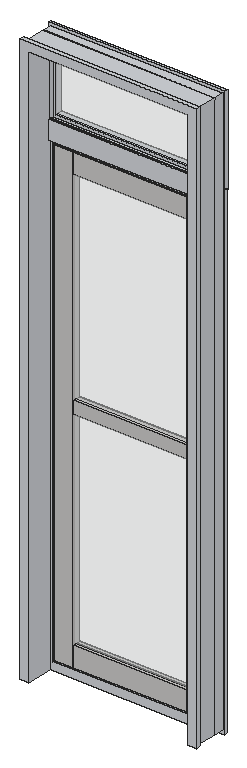
Revit family "APL Residential Thermal Heart Hinged Door with Overlight Open In", category Doors, host Wall, Revit 2017 (continued)
Definition of nested family "APL Residential Thermal Heart Hinged Door with Overlight Open In Vertical Section"
  Definition of nested family "Overlight Detail"
    Definition of nested family "65180_Sidelight Frame"
      Lines and regions (mm)
        model lines, in view "Ref. Level"
          curve 305: line (4.2, 13, 0) -> (4.2, 14.8, 0)
          curve 306: line (4, 15, 0) -> (1, 15, 0)
          curve 307: line (0, 16, 0) -> (0, 17.5, 0)
          curve 308: line (0, 17.5, 0) -> (0.4, 17.9, 0)
          curve 309: line (0.4, 17.9, 0) -> (0.4, 23.1, 0)
          curve 310: line (0.4, 23.1, 0) -> (0, 23.5, 0)
          curve 311: line (0, 23.5, 0) -> (0, 26.5, 0)
          curve 312: line (1.4, 26.5, 0) -> (1.4, 16.7, 0)
          curve 313: line (1.6, 16.5, 0) -> (16, 16.5, 0)
          curve 314: arc (16, 16.5, 0) -> (17.228, 15.975, 0) -> (17.698, 14.725, 0) r 1.7
          curve 315: arc (17.698, 14.725, 0) -> (17.806, 14.538, 0) -> (18.021, 14.558, 0) r 0.2
          curve 316: arc (18.021, 14.558, 0) -> (18.648, 14.969, 0) -> (19.333, 15.274, 0) r 4.7
          curve 317: arc (19.333, 15.274, 0) -> (19.909, 15.68, 0) -> (20.188, 16.327, 0) r 1.3
      Text (mm)
        text "65180" at (37.391, 26.006, 0), in view "Ref. Level"
Definition of nested family "APL Residential Thermal Heart Hinged Door Open In Horizontal Section"
  Parameters (values of type "Groove")
    Liner End [instance] = 10 mm
    Liner Block = Liner : Liner
    Liner [instance] = 100 mm
    Jamb Liner 2 = yes
    Jamb Liner 1 = yes
    Groove [instance] = 10 mm
    Glass Length 1 [instance] = Box Width - 233 mm  # 567 mm
    Box Width [instance] = 800 mm
  Types (2, lengths in mm): name | Liner Block
    Groove | Liner : Liner
    No Groove | Liner No Groove : Liner No Groove
  Reference planes
    plane 1 "Center (Front/Back)": y = 14.873
    plane 2: z = 0
    plane 3 "Center (Left/Right)": x = -408.062
    plane 4: x = -808.062
    plane 5: x = -8.062
    plane 6: y = 60.873
    plane 7: y = 60.873
    plane 8: x = -0.562
    plane 9: y = 19.873
  Dimensions and locks
    "Liner": plane 7 to nested 1
    "Liner": nested 2 to plane 6
    locked: plane 5 to plane 8 at 7.5
    locked: plane 4 to nested 3 at 116.74
    equal spacing: plane 4, plane 3 "Center (Left/Right)", plane 5
    "Box Width": plane 4 to plane 5
    locked: nested 4 to plane 5 at 116.313
    plane 9 to plane 1 "Center (Front/Back)" = 5 mm
    locked: nested 5 to nested 3 at 6.328
    locked: nested 4 to nested 6 at 6.263
    locked: nested 1 to nested 5 at 13.365
    locked: nested 6 to nested 2 at 13.691
  Nested families
    nested 1: "Liner" at (-787.064, 60.873, 0) x (0, 1, 0) z (0, 0, 1), type <- "Liner Block", End Liner <- "Liner End", Groove <- "Groove", visible <- "Jamb Liner 2", type "Liner", in view "Ref. Level", detail levels fine
      with built-in parameter 1001306 0.32808 (stored number, unit not read)
    nested 2: "Liner" at (-28.37, 60.873, 0) x (0, 1, 0) z (0, 0, 1), visible <- "Jamb Liner 2", type <- "Liner Block", type "Liner", in view "Ref. Level", detail levels fine
      with built-in parameter 1001306 0.32808 (stored number, unit not read)
    nested 3: "Glazing Bead" at (-691.322, 26.331, 0) x (0, 1, 0) z (0, 0, 1), Glass Lenght <- "Glass Length 1", type "DG", in view "Ref. Level", detail levels fine
      with Glass Lenght 567 mm
    nested 4: "Glazing Bead" at (-124.374, 26.331, 0) x (0, 1, 0) z (0, 0, 1), Glass Lenght <- "Glass Length 1", type "DG", in view "Ref. Level", detail levels fine
      with Glass Lenght 567 mm
    nested 5: "Open In Jamb&Hinge" at (-807.699, 14.173, 0), type "Open Out Jamb&Hinge", in view "Ref. Level", detail levels fine
    nested 6: "Open In Jamb" at (-8.062, 14.873, 0) x (-1, 0, 0) z (0, 0, 1), type "Open Out Jamb", in view "Ref. Level", detail levels fine
  Definition of nested family "Liner"
    Parameters (values of type "Liner")
      Type Image = (empty or 0)
      built-in parameter 1001306 [instance] = 100 mm
      Groove [instance] = 10 mm
      End Liner [instance] = 10 mm
    Reference planes
      plane 1 "Center (Front/Back)": y = 0
      plane 2: z = 0
      plane 3 "Left": x = 0
      plane 4 "Right": x = 100
    Lines and regions (mm)
      Filled region 1, type "Brick", in view "Ref. Level"
        outline origin (0, 0, 0) x (1, 0, 0) y (0, 1, 0)
          loop
            line (0, 0) -> (120, 0) -> (120, 19) -> (110, 19) -> (110, 13.435) -> (100, 13.435) -> (100, 19) -> (0, 19) -> (0, 0)
      reference lines, in view "Ref. Level"
        curve 1: line (0, 0, 0) -> (100, 0, 0)
      detail lines, in view "Ref. Level", detail levels fine
        curve 2: line (100, 0, 0) -> (0, 0, 0)
    Dimensions and locks
      "built-in parameter 1001306": plane 3 "Left" to plane 4 "Right"
      locked: Filled region 1 to curve 2 at 19
      "Groove": plane 4 "Right" to Filled region 1
      "End Liner": Filled region 1 to Filled region 1
      aligned and locked: plane 1 "Center (Front/Back)" to curve 1
      aligned and locked: plane 3 "Left" to curve 1
      aligned and locked: plane 4 "Right" to curve 1
      aligned and locked: curve 1 to Filled region 1
      aligned and locked: plane 1 "Center (Front/Back)" to Filled region 1
      aligned and locked: Filled region 1 to plane 3 "Left"
    Automatic sketch dimensions
      curve 2 to plane 4 "Right" = 0 mm
      Filled region 1 sketch curve to plane 3 "Left" = 0 mm
      Filled region 1 sketch curve to plane 4 "Right" = 0 mm
      Filled region 1 sketch curve to Filled region 1 sketch curve = 10 mm  (x2)
      Filled region 1 sketch curve to plane 1 "Center (Front/Back)" = 0 mm
      Filled region 1 sketch curve to plane 1 "Center (Front/Back)" = 13.435 mm
      Filled region 1 sketch curve to Filled region 1 sketch curve = 5.565 mm  (x2)
      curve 2 to plane 3 "Left" = 0 mm
  Definition of nested family "Glazing Bead"
    Parameters (values of type "Glazing Bead")
      Glass Lenght [instance] = 50 mm
    Reference planes
      plane 1 "Center (Front/Back)": y = 0
      plane 2: z = 0
      plane 3 "Center (Left/Right)": x = 0
      plane 4: y = -50
    Lines and regions (mm)
      Filled region 1, type "Solid Fill - Black", in view "Ref. Level"
        outline origin (0, 0, 0) x (1, 0, 0) y (0, 1, 0)
          loop
            line (4, 0) -> (4, -12) -> (20, -12) -> (20, 0) -> (4, 0)
      model lines, in view "Ref. Level"
        curve 1: line (4, -12, 0) -> (20, -12, 0)
        curve 2: line (0, -50, 0) -> (0, 0, 0)
        curve 3: line (0, 0, 0) -> (24, 0, 0)
        curve 4: line (24, 0, 0) -> (24, -50, 0)
        curve 5: line (20, 0, 0) -> (20, -50, 0)
        curve 6: line (4, 0, 0) -> (4, -50, 0)
      detail lines, in view "Ref. Level"
        curve 7: arc (-0.25, -4.9, 0) -> (0, -5.15, 0) -> (-0.25, -5.4, 0) r 0.25
        curve 8: arc (-0.25, -8.45, 0) -> (0, -8.7, 0) -> (-0.25, -8.95, 0) r 0.25
        curve 9: arc (-0.25, -9.619, 0) -> (0, -9.869, 0) -> (-0.25, -10.119, 0) r 0.25
        curve 10: arc (-0.25, -10.787, 0) -> (0, -11.037, 0) -> (-0.25, -11.287, 0) r 0.25
        curve 11: line (-0.25, -12.456, 0) -> (-1, -12.456, 0)
        curve 12: line (-1, -12.456, 0) -> (-1, -8.45, 0)
        curve 13: line (-1, -8.45, 0) -> (-2.2, -8.45, 0)
        curve 14: line (-2.2, -8.45, 0) -> (-2.2, -9.2, 0)
        curve 15: line (-2.2, -9.2, 0) -> (-2.8, -9.2, 0)
        curve 16: line (-2.8, -9.2, 0) -> (-2.8, -6.1, 0)
        curve 17: line (-2.8, -6.1, 0) -> (-2.2, -6.1, 0)
        curve 18: line (-2.2, -6.1, 0) -> (-2.2, -6.85, 0)
        curve 19: line (-2.2, -6.85, 0) -> (-1, -6.85, 0)
        curve 20: line (-1, -6.85, 0) -> (-1, -4.9, 0)
        curve 21: line (-1, -4.9, 0) -> (-0.25, -4.9, 0)
        curve 22: line (-0.25, -5.4, 0) -> (-0.25, -8.45, 0)
        curve 23: line (-0.25, -8.95, 0) -> (-0.25, -9.619, 0)
        curve 24: line (-0.25, -10.119, 0) -> (-0.25, -10.787, 0)
        curve 25: line (-0.25, -11.287, 0) -> (-0.25, -11.956, 0)
        curve 26: arc (-0.25, -11.956, 0) -> (0, -12.206, 0) -> (-0.25, -12.456, 0) r 0.25
      detail lines, in view "Ref. Level", not visible
        curve 27: arc (-0.25, -4.9, 0) -> (0, -5.15, 0) -> (-0.25, -5.4, 0) r 0.25
        curve 28: arc (-0.25, -8.45, 0) -> (0, -8.7, 0) -> (-0.25, -8.95, 0) r 0.25
        curve 29: arc (-0.25, -9.619, 0) -> (0, -9.869, 0) -> (-0.25, -10.119, 0) r 0.25
        curve 30: arc (-0.25, -10.787, 0) -> (0, -11.037, 0) -> (-0.25, -11.287, 0) r 0.25
        curve 31: line (-0.25, -12.456, 0) -> (-1, -12.456, 0)
        curve 32: line (-1, -12.456, 0) -> (-1, -8.45, 0)
        curve 33: line (-1, -8.45, 0) -> (-2.2, -8.45, 0)
        curve 34: line (-2.2, -8.45, 0) -> (-2.2, -9.2, 0)
        curve 35: line (-2.2, -9.2, 0) -> (-2.8, -9.2, 0)
        curve 36: line (-2.8, -9.2, 0) -> (-2.8, -6.1, 0)
        curve 37: line (-2.8, -6.1, 0) -> (-2.2, -6.1, 0)
        curve 38: line (-2.2, -6.1, 0) -> (-2.2, -6.85, 0)
        curve 39: line (-2.2, -6.85, 0) -> (-1, -6.85, 0)
        curve 40: line (-1, -6.85, 0) -> (-1, -4.9, 0)
        curve 41: line (-1, -4.9, 0) -> (-0.25, -4.9, 0)
        curve 42: line (-0.25, -5.4, 0) -> (-0.25, -8.45, 0)
        curve 43: line (-0.25, -8.95, 0) -> (-0.25, -9.619, 0)
        curve 44: line (-0.25, -10.119, 0) -> (-0.25, -10.787, 0)
        curve 45: line (-0.25, -11.287, 0) -> (-0.25, -11.956, 0)
        curve 46: arc (-0.25, -11.956, 0) -> (0, -12.206, 0) -> (-0.25, -12.456, 0) r 0.25
        curve 47: arc (62.983, -3.041, 0) -> (62.673, -2.901, 0) -> (62.511, -3.2, 0) r 0.25
        curve 48: arc (62.537, -13.088, 0) -> (62.7, -13.387, 0) -> (63.01, -13.247, 0) r 0.25
        curve 49: line (62.511, -3.2, 0) -> (63.505, -7.068, 0)
        curve 50: line (63.505, -7.068, 0) -> (62.502, -7.647, 0)
        curve 51: line (62.502, -7.647, 0) -> (62.502, -8.647, 0)
        curve 52: line (62.502, -8.647, 0) -> (63.527, -9.239, 0)
        curve 53: line (63.527, -9.239, 0) -> (62.537, -13.088, 0)
        curve 54: line (63.01, -13.247, 0) -> (64.734, -9.147, 0)
        curve 55: line (64.734, -9.147, 0) -> (66.002, -9.147, 0)
        curve 56: line (66.002, -9.147, 0) -> (66.002, -10.397, 0)
        curve 57: line (66.002, -10.397, 0) -> (67.002, -10.397, 0)
        curve 58: line (67.002, -10.397, 0) -> (67.002, -5.897, 0)
        curve 59: line (67.002, -5.897, 0) -> (66.002, -5.897, 0)
        curve 60: line (66.002, -5.897, 0) -> (66.002, -7.147, 0)
        curve 61: line (66.002, -7.147, 0) -> (64.71, -7.147, 0)
        curve 62: line (64.71, -7.147, 0) -> (62.983, -3.041, 0)
    Dimensions and locks
      "Glass Lenght": plane 1 "Center (Front/Back)" to plane 4
      aligned and locked: plane 4 to curve 2
      aligned and locked: plane 1 "Center (Front/Back)" to Filled region 1 sketch curve
      aligned and locked: Filled region 1 sketch curve to curve 6
      aligned and locked: Filled region 1 sketch curve to curve 1
      aligned and locked: Filled region 1 sketch curve to curve 5
    Automatic sketch dimensions
      plane 1 "Center (Front/Back)" to curve 2 = 0 mm
      curve 2 to plane 3 "Center (Left/Right)" = 0 mm
      curve 6 to plane 4 = 0 mm
      curve 5 to plane 4 = 0 mm
      curve 4 to plane 4 = 0 mm
      curve 5 to curve 3 = 4 mm
      plane 3 "Center (Left/Right)" to curve 1 = 4 mm
      curve 6 to curve 5 = 16 mm
      plane 1 "Center (Front/Back)" to curve 1 = 12 mm
    Nested families
      nested 1: "65015_Bead" at (-15.5, 6.328, 0), type "65015_Bead", in view "Ref. Level"
    Definition of nested family "65015_Bead"
      Reference planes
        plane 1 "Center (Front/Back)": y = 0
        plane 2: z = 0
        plane 3 "Center (Left/Right)": x = 0
      Lines and regions (mm)
        model lines, in view "Ref. Level"
          curve 1: arc (13.5, 12.78, 0) -> (13.558, 12.92, 0) -> (13.698, 12.978, 0) r 0.198
          curve 2: arc (14.302, 12.978, 0) -> (14.442, 12.918, 0) -> (14.5, 12.777, 0) r 0.201
          curve 3: arc (14.5, 10.175, 0) -> (14.442, 10.036, 0) -> (14.302, 9.978, 0) r 0.198
          curve 4: arc (13.698, 9.978, 0) -> (13.558, 10.036, 0) -> (13.5, 10.175, 0) r 0.198
          curve 5: arc (13.5, 11.027, 0) -> (13.442, 11.169, 0) -> (13.3, 11.228, 0) r 0.2
          curve 6: arc (12.7, 11.228, 0) -> (11.851, 11.579, 0) -> (11.5, 12.428, 0) r 1.2
          curve 7: arc (11.5, 13.628, 0) -> (11.377, 13.813, 0) -> (11.159, 13.769, 0) r 0.2
          curve 8: arc (1.546, 4.157, 0) -> (1.438, 3.995, 0) -> (1.4, 3.804, 0) r 0.5
          curve 9: arc (1.4, 1.817, 0) -> (1.467, 1.567, 0) -> (1.65, 1.384, 0) r 0.5
          curve 10: arc (10.675, -3.827, 0) -> (10.913, -4.714, 0) -> (10.025, -4.952, 0) r 0.65
          curve 11: arc (3.306, -1.073, 0) -> (2.928, -1.023, 0) -> (2.624, -1.254, 0) r 0.5
          curve 12: arc (2.587, -2.129, 0) -> (2.248, -2.45, 0) -> (1.791, -2.352, 0) r 0.5
          curve 13: arc (1.518, -2.123, 0) -> (1.466, -2.054, 0) -> (1.447, -1.97, 0) r 0.2
          curve 14: arc (1.447, -1.115, 0) -> (1.476, -1.011, 0) -> (1.555, -0.938, 0) r 0.2
          curve 15: arc (1.555, -0.938, 0) -> (1.717, -0.809, 0) -> (1.82, -0.63, 0) r 0.55
          curve 16: arc (1.82, -0.63, 0) -> (1.825, -0.452, 0) -> (1.729, -0.302, 0) r 0.3
          curve 17: arc (0.2, 0, 0) -> (0.059, 0.059, 0) -> (0, 0.2, 0) r 0.2
          curve 18: arc (0, 4.383, 0) -> (0.038, 4.575, 0) -> (0.146, 4.737, 0) r 0.5
          curve 19: arc (14.159, 18.749, 0) -> (14.377, 18.792, 0) -> (14.5, 18.608, 0) r 0.2
          curve 20: arc (14.5, 15.172, 0) -> (14.442, 15.034, 0) -> (14.303, 14.978, 0) r 0.194
          curve 21: arc (13.698, 14.978, 0) -> (13.559, 15.038, 0) -> (13.5, 15.177, 0) r 0.203
          curve 22: arc (13.5, 15.528, 0) -> (13.441, 15.669, 0) -> (13.3, 15.728, 0) r 0.201
          curve 23: arc (12.7, 15.728, 0) -> (12.559, 15.669, 0) -> (12.5, 15.528, 0) r 0.2
          curve 24: arc (12.5, 12.428, 0) -> (12.559, 12.286, 0) -> (12.7, 12.228, 0) r 0.2
          curve 25: line (13.5, 12.428, 0) -> (13.5, 12.78, 0)
          curve 26: line (13.698, 12.978, 0) -> (14.302, 12.978, 0)
          curve 27: line (14.5, 12.777, 0) -> (14.5, 10.175, 0)
          curve 28: line (14.302, 9.978, 0) -> (13.698, 9.978, 0)
          curve 29: line (13.5, 10.175, 0) -> (13.5, 11.027, 0)
          curve 30: line (13.3, 11.228, 0) -> (12.7, 11.228, 0)
          curve 31: line (11.5, 12.428, 0) -> (11.5, 13.628, 0)
          curve 32: line (11.159, 13.769, 0) -> (1.546, 4.157, 0)
          curve 33: line (1.4, 3.804, 0) -> (1.4, 1.817, 0)
          curve 34: line (1.65, 1.384, 0) -> (10.675, -3.827, 0)
          curve 35: line (10.025, -4.952, 0) -> (3.306, -1.073, 0)
          curve 36: line (2.597, -1.355, 0) -> (2.597, -2.065, 0)
          curve 37: line (1.791, -2.352, 0) -> (1.518, -2.123, 0)
          curve 38: line (1.518, -2.123, 0) -> (1.447, -1.115, 0)
          curve 39: line (1.729, -0.302, 0) -> (1.425, -0.047, 0)
          curve 40: line (1.425, -0.047, 0) -> (0.2, 0, 0)
          curve 41: line (0, 0.2, 0) -> (0, 4.383, 0)
          curve 42: line (0.146, 4.737, 0) -> (14.159, 18.749, 0)
          curve 43: line (14.5, 18.608, 0) -> (14.5, 15.172, 0)
          curve 44: line (14.303, 14.978, 0) -> (13.698, 14.978, 0)
          curve 45: line (13.5, 15.177, 0) -> (13.5, 15.528, 0)
          curve 46: line (13.3, 15.728, 0) -> (12.7, 15.728, 0)
          curve 47: line (12.5, 15.528, 0) -> (12.5, 12.428, 0)
          curve 48: line (12.7, 12.228, 0) -> (13.3, 12.228, 0)
          curve 49: arc (13.3, 12.228, 0) -> (13.441, 12.286, 0) -> (13.5, 12.428, 0) r 0.2
      Text (mm)
        text "65015" at (32.01, 10.207, 0), in view "Ref. Level"
  Definition of nested family "Open In Jamb&Hinge"
    Types (2): name
      Open Out Jamb&Hinge
      Jamb with Hinge
    Reference planes
      plane 1 "Center (Front/Back)": y = 0
      plane 2: z = 0
      plane 3 "Center (Left/Right)": x = 0
    Lines and regions (mm)
      detail lines, in view "Ref. Level", not visible
        curve 1: arc (27.921, 135.423, 0) -> (27.611, 135.563, 0) -> (27.449, 135.264, 0) r 0.25
        curve 2: arc (27.475, 125.376, 0) -> (27.637, 125.077, 0) -> (27.948, 125.217, 0) r 0.25
        curve 3: line (27.449, 135.264, 0) -> (28.443, 131.396, 0)
        curve 4: line (28.443, 131.396, 0) -> (27.439, 130.817, 0)
        curve 5: line (27.439, 130.817, 0) -> (27.439, 129.817, 0)
        curve 6: line (27.439, 129.817, 0) -> (28.465, 129.225, 0)
        curve 7: line (28.465, 129.225, 0) -> (27.475, 125.376, 0)
        curve 8: line (27.948, 125.217, 0) -> (29.672, 129.317, 0)
        curve 9: line (29.672, 129.317, 0) -> (30.939, 129.317, 0)
        curve 10: line (30.939, 129.317, 0) -> (30.939, 128.067, 0)
        curve 11: line (30.939, 128.067, 0) -> (31.939, 128.067, 0)
        curve 12: line (31.939, 128.067, 0) -> (31.939, 132.567, 0)
        curve 13: line (31.939, 132.567, 0) -> (30.939, 132.567, 0)
        curve 14: line (30.939, 132.567, 0) -> (30.939, 131.317, 0)
        curve 15: line (30.939, 131.317, 0) -> (29.647, 131.317, 0)
        curve 16: line (29.647, 131.317, 0) -> (27.921, 135.423, 0)
        curve 17: arc (43.239, 46.459, 0) -> (43.098, 46.401, 0) -> (43.039, 46.259, 0) r 0.2
        curve 18: arc (43.039, 43.539, 0) -> (42.981, 43.398, 0) -> (42.839, 43.339, 0) r 0.2
        curve 19: arc (41.739, 43.339, 0) -> (41.032, 43.632, 0) -> (40.739, 44.339, 0) r 1
        curve 20: arc (40.304, 42.421, 0) -> (39.422, 41.539, 0) -> (38.539, 42.421, 0) r 0.882
        curve 21: arc (38.539, 44.651, 0) -> (38.545, 44.752, 0) -> (38.56, 44.852, 0) r 1
        curve 22: arc (39.401, 48.942, 0) -> (39.95, 49.665, 0) -> (40.814, 49.939, 0) r 1.5
        curve 23: arc (42.039, 49.939, 0) -> (42.747, 49.646, 0) -> (43.039, 48.939, 0) r 1
        curve 24: arc (47.988, 48.439, 0) -> (48.168, 48.327, 0) -> (48.146, 48.116, 0) r 0.2
        curve 25: arc (46.796, 45.416, 0) -> (46.657, 45.31, 0) -> (46.487, 45.354, 0) r 0.2
        curve 26: line (43.039, 46.259, 0) -> (43.039, 43.539, 0)
        curve 27: line (42.839, 43.339, 0) -> (42.439, 43.339, 0)
        curve 28: line (42.439, 43.339, 0) -> (41.739, 43.339, 0)
        curve 29: line (40.739, 44.339, 0) -> (40.739, 47.344, 0)
        curve 30: line (40.739, 47.344, 0) -> (40.312, 44.702, 0)
        curve 31: line (40.312, 44.702, 0) -> (40.304, 42.421, 0)
        curve 32: line (38.539, 42.421, 0) -> (38.539, 44.651, 0)
        curve 33: line (38.56, 44.852, 0) -> (39.401, 48.942, 0)
        curve 34: line (40.944, 49.939, 0) -> (42.039, 49.939, 0)
        curve 35: line (43.039, 48.939, 0) -> (43.039, 48.439, 0)
        curve 36: line (43.039, 48.439, 0) -> (47.988, 48.439, 0)
        curve 37: line (48.146, 48.116, 0) -> (46.796, 45.416, 0)
        curve 38: line (46.487, 45.354, 0) -> (45.203, 46.459, 0)
        curve 39: arc (45.203, 46.459, 0) -> (44.221, 46.592, 0) -> (43.239, 46.459, 0) r 3.701
        curve 40: arc (48.146, 48.116, 0) -> (48.168, 48.327, 0) -> (47.988, 48.439, 0) r 0.2
      detail lines, in view "Ref. Level"
        curve 41: arc (49.459, -8.042, 0) -> (49.401, -7.901, 0) -> (49.259, -7.842, 0) r 0.2
        curve 42: arc (46.539, -7.842, 0) -> (46.398, -7.784, 0) -> (46.339, -7.642, 0) r 0.2
        curve 43: arc (46.339, -6.542, 0) -> (46.632, -5.835, 0) -> (47.339, -5.542, 0) r 1
        curve 44: arc (45.421, -5.107, 0) -> (44.539, -4.225, 0) -> (45.421, -3.342, 0) r 0.882
        curve 45: arc (47.651, -3.342, 0) -> (47.752, -3.347, 0) -> (47.852, -3.363, 0) r 1
        curve 46: arc (51.942, -4.204, 0) -> (52.665, -4.753, 0) -> (52.939, -5.617, 0) r 1.5
        curve 47: arc (52.939, -6.842, 0) -> (52.646, -7.549, 0) -> (51.939, -7.842, 0) r 1
        curve 48: arc (51.439, -12.791, 0) -> (51.327, -12.971, 0) -> (51.116, -12.949, 0) r 0.2
        curve 49: arc (48.416, -11.599, 0) -> (48.31, -11.46, 0) -> (48.354, -11.29, 0) r 0.2
        curve 50: line (49.259, -7.842, 0) -> (46.539, -7.842, 0)
        curve 51: line (46.339, -7.642, 0) -> (46.339, -7.242, 0)
        curve 52: line (46.339, -7.242, 0) -> (46.339, -6.542, 0)
        curve 53: line (47.339, -5.542, 0) -> (50.344, -5.542, 0)
        curve 54: line (50.344, -5.542, 0) -> (47.702, -5.115, 0)
        curve 55: line (47.702, -5.115, 0) -> (45.421, -5.107, 0)
        curve 56: line (45.421, -3.342, 0) -> (47.651, -3.342, 0)
        curve 57: line (47.852, -3.363, 0) -> (51.942, -4.204, 0)
        curve 58: line (52.939, -5.747, 0) -> (52.939, -6.842, 0)
        curve 59: line (51.939, -7.842, 0) -> (51.439, -7.842, 0)
        curve 60: line (51.439, -7.842, 0) -> (51.439, -12.791, 0)
        curve 61: line (51.116, -12.949, 0) -> (48.416, -11.599, 0)
        curve 62: line (48.354, -11.29, 0) -> (49.459, -10.006, 0)
        curve 63: arc (49.459, -10.006, 0) -> (49.592, -9.024, 0) -> (49.459, -8.042, 0) r 3.701
        curve 64: arc (51.116, -12.949, 0) -> (51.327, -12.971, 0) -> (51.439, -12.791, 0) r 0.2
        curve 65: arc (130.406, 37.44, 0) -> (130.546, 37.129, 0) -> (130.247, 36.967, 0) r 0.25
        curve 66: arc (120.359, 36.993, 0) -> (120.059, 37.156, 0) -> (120.199, 37.466, 0) r 0.25
        curve 67: line (130.247, 36.967, 0) -> (126.379, 37.961, 0)
        curve 68: line (126.379, 37.961, 0) -> (125.8, 36.958, 0)
        curve 69: line (125.8, 36.958, 0) -> (124.8, 36.958, 0)
        curve 70: line (124.8, 36.958, 0) -> (124.208, 37.983, 0)
        curve 71: line (124.208, 37.983, 0) -> (120.359, 36.993, 0)
        curve 72: line (120.199, 37.466, 0) -> (124.3, 39.19, 0)
        curve 73: line (124.3, 39.19, 0) -> (124.3, 40.458, 0)
        curve 74: line (124.3, 40.458, 0) -> (123.05, 40.458, 0)
        curve 75: line (123.05, 40.458, 0) -> (123.05, 41.458, 0)
        curve 76: line (123.05, 41.458, 0) -> (127.55, 41.458, 0)
        curve 77: line (127.55, 41.458, 0) -> (127.55, 40.458, 0)
        curve 78: line (127.55, 40.458, 0) -> (126.3, 40.458, 0)
        curve 79: line (126.3, 40.458, 0) -> (126.3, 39.166, 0)
        curve 80: line (126.3, 39.166, 0) -> (130.406, 37.44, 0)
    Nested families
      nested 1: "65210_Lock Stile" at (40.05, -3.342, 0) x (0, 1, 0) z (0, 0, 1), type "65210_Lock Stile", in view "Ref. Level"
      nested 2: "65300_Open In Frame" at (25.5, 0.7, 0) x (0, 1, 0) z (0, 0, 1), type "65300_Open In Frame", in view "Ref. Level"
    Definition of nested family "65210_Lock Stile"
      Reference planes
        plane 1 "Center (Front/Back)": y = 0
        plane 2: z = 0
        plane 3 "Center (Left/Right)": x = 0
      Lines and regions (mm)
        model lines, in view "Ref. Level"
          curve 1: arc (27.4, 64.45, 0) -> (27.272, 64.668, 0) -> (27.019, 64.663, 0) r 0.25
          curve 2: arc (26.934, 64.611, 0) -> (26.828, 64.479, 0) -> (26.831, 64.309, 0) r 0.25
          curve 3: arc (25.577, 63.544, 0) -> (25.502, 63.511, 0) -> (25.421, 63.5, 0) r 0.3
          curve 4: arc (24.9, 63.5, 0) -> (24.742, 63.578, 0) -> (24.706, 63.75, 0) r 0.2
          curve 5: arc (24.9, 67.753, 0) -> (24.874, 67.875, 0) -> (24.8, 67.976, 0) r 0.3
          curve 6: arc (24.8, 67.976, 0) -> (24.72, 68.307, 0) -> (25, 68.5, 0) r 0.3
          curve 7: arc (27.221, 67.957, 0) -> (27.31, 67.905, 0) -> (27.362, 67.816, 0) r 0.2
          curve 8: arc (27.407, 67.648, 0) -> (27.548, 67.507, 0) -> (27.741, 67.559, 0) r 0.2
          curve 9: arc (28.105, 67.922, 0) -> (28.165, 68.008, 0) -> (28.192, 68.108, 0) r 0.3
          curve 10: arc (28.399, 70.474, 0) -> (28.283, 70.738, 0) -> (27.997, 70.782, 0) r 0.3
          curve 11: arc (26.587, 70.268, 0) -> (26.461, 70.181, 0) -> (26.395, 70.043, 0) r 0.3
          curve 12: arc (26.395, 70.043, 0) -> (26.122, 69.801, 0) -> (25.817, 70, 0) r 0.3
          curve 13: arc (24.003, 70, 0) -> (23.295, 69.707, 0) -> (23.003, 69, 0) r 1
          curve 14: arc (23.003, 63.28, 0) -> (22.944, 63.139, 0) -> (22.803, 63.08, 0) r 0.2
          curve 15: arc (17.703, 63.08, 0) -> (17.561, 63.139, 0) -> (17.503, 63.28, 0) r 0.2
          curve 16: arc (17.503, 69, 0) -> (17.21, 69.707, 0) -> (16.503, 70, 0) r 1
          curve 17: arc (9.5, 70, 0) -> (9.359, 69.941, 0) -> (9.3, 69.8, 0) r 0.2
          curve 18: arc (9.3, 69.5, 0) -> (9.38, 69.2, 0) -> (9.6, 68.98, 0) r 0.6
          curve 19: arc (10.7, 68.345, 0) -> (10.773, 68.272, 0) -> (10.8, 68.172, 0) r 0.2
          curve 20: arc (10.8, 64.08, 0) -> (10.507, 63.373, 0) -> (9.8, 63.08, 0) r 1
          curve 21: arc (2.42, 63.08, 0) -> (1.721, 63.366, 0) -> (1.421, 64.06, 0) r 1
          curve 22: arc (1.322, 68.935, 0) -> (1.357, 69.052, 0) -> (1.453, 69.127, 0) r 0.2
          curve 23: arc (1.453, 69.127, 0) -> (1.621, 69.234, 0) -> (1.725, 69.403, 0) r 0.45
          curve 24: arc (1.725, 69.403, 0) -> (1.729, 69.522, 0) -> (1.665, 69.621, 0) r 0.2
          curve 25: arc (0.2, 70, 0) -> (0.059, 69.941, 0) -> (0, 69.8, 0) r 0.2
          curve 26: arc (0, 0.501, 0) -> (0.146, 0.147, 0) -> (0.5, 0, 0) r 0.5
          curve 27: arc (1, 0, 0) -> (1.354, 0.146, 0) -> (1.5, 0.5, 0) r 0.5
          curve 28: arc (1.5, 2.8, 0) -> (1.559, 2.941, 0) -> (1.7, 3, 0) r 0.2
          curve 29: arc (31.817, 3, 0) -> (32.122, 3.199, 0) -> (32.395, 2.957, 0) r 0.3
          curve 30: arc (32.395, 2.957, 0) -> (32.461, 2.819, 0) -> (32.587, 2.732, 0) r 0.3
          curve 31: arc (33.997, 2.218, 0) -> (34.283, 2.262, 0) -> (34.399, 2.526, 0) r 0.3
          curve 32: arc (34.192, 4.892, 0) -> (34.165, 4.992, 0) -> (34.105, 5.078, 0) r 0.3
          curve 33: arc (33.741, 5.441, 0) -> (33.548, 5.493, 0) -> (33.407, 5.352, 0) r 0.2
          curve 34: arc (33.362, 5.184, 0) -> (33.31, 5.095, 0) -> (33.221, 5.043, 0) r 0.2
          curve 35: arc (31, 4.5, 0) -> (30.72, 4.693, 0) -> (30.8, 5.024, 0) r 0.3
          curve 36: arc (30.8, 5.024, 0) -> (30.874, 5.125, 0) -> (30.9, 5.247, 0) r 0.3
          curve 37: arc (30.706, 9.25, 0) -> (30.742, 9.422, 0) -> (30.9, 9.5, 0) r 0.2
          curve 38: arc (31.421, 9.5, 0) -> (31.502, 9.489, 0) -> (31.577, 9.456, 0) r 0.3
          curve 39: arc (32.831, 8.691, 0) -> (32.828, 8.521, 0) -> (32.934, 8.389, 0) r 0.25
          curve 40: arc (33.02, 8.337, 0) -> (33.272, 8.332, 0) -> (33.4, 8.55, 0) r 0.25
          curve 41: arc (33.4, 11.2, 0) -> (33.341, 11.341, 0) -> (33.2, 11.4, 0) r 0.2
          curve 42: arc (30, 11.4, 0) -> (29.293, 11.107, 0) -> (29, 10.4, 0) r 1
          curve 43: arc (2.1, 4.6, 0) -> (1.746, 4.746, 0) -> (1.6, 5.1, 0) r 0.5
          curve 44: arc (1.6, 60.98, 0) -> (1.746, 61.334, 0) -> (2.1, 61.48, 0) r 0.5
          curve 45: arc (9.8, 61.48, 0) -> (11.638, 62.242, 0) -> (12.4, 64.08, 0) r 2.6
          curve 46: arc (12.4, 68.2, 0) -> (12.459, 68.341, 0) -> (12.6, 68.4, 0) r 0.2
          curve 47: arc (15.703, 68.4, 0) -> (15.844, 68.341, 0) -> (15.903, 68.2, 0) r 0.2
          curve 48: arc (15.903, 62, 0) -> (16.049, 61.646, 0) -> (16.403, 61.5, 0) r 0.5
          curve 49: arc (27.2, 61.5, 0) -> (27.341, 61.559, 0) -> (27.4, 61.7, 0) r 0.2
          curve 50: line (26.831, 64.309, 0) -> (25.577, 63.544, 0)
          curve 51: line (25.577, 63.544, 0) -> (24.9, 63.5, 0)
          curve 52: line (24.706, 63.75, 0) -> (24.894, 64.475, 0)
          curve 53: line (24.894, 64.475, 0) -> (24.9, 67.753, 0)
          curve 54: line (25.154, 68.5, 0) -> (27.221, 67.957, 0)
          curve 55: line (27.221, 67.957, 0) -> (27.407, 67.648, 0)
          curve 56: line (27.741, 67.559, 0) -> (28.105, 67.922, 0)
          curve 57: line (28.192, 68.108, 0) -> (28.399, 70.474, 0)
          curve 58: line (27.997, 70.782, 0) -> (26.587, 70.268, 0)
          curve 59: line (25.817, 70, 0) -> (24.003, 70, 0)
          curve 60: line (23.003, 69, 0) -> (23.003, 63.28, 0)
          curve 61: line (22.803, 63.08, 0) -> (17.703, 63.08, 0)
          curve 62: line (17.503, 63.28, 0) -> (17.503, 69, 0)
          curve 63: line (16.503, 70, 0) -> (9.5, 70, 0)
          curve 64: line (9.3, 69.8, 0) -> (9.3, 69.5, 0)
          curve 65: line (9.6, 68.98, 0) -> (10.7, 68.345, 0)
          curve 66: line (10.8, 68.172, 0) -> (10.8, 64.08, 0)
          curve 67: line (9.8, 63.08, 0) -> (2.42, 63.08, 0)
          curve 68: line (1.421, 64.06, 0) -> (1.322, 68.935, 0)
          curve 69: line (1.665, 69.621, 0) -> (1.269, 69.953, 0)
          curve 70: line (1.269, 69.953, 0) -> (0.2, 70, 0)
          curve 71: line (0, 69.8, 0) -> (0, 0.501, 0)
          curve 72: line (0.5, 0, 0) -> (1, 0, 0)
          curve 73: line (1.5, 0.5, 0) -> (1.5, 2.8, 0)
          curve 74: line (1.7, 3, 0) -> (17.6, 3, 0)
          curve 75: line (17.6, 3, 0) -> (18, 3.4, 0)
          curve 76: line (18, 3.4, 0) -> (18.4, 3, 0)
          curve 77: line (18.4, 3, 0) -> (19.6, 3, 0)
          curve 78: line (19.6, 3, 0) -> (20, 3.4, 0)
          curve 79: line (20, 3.4, 0) -> (20.4, 3, 0)
          curve 80: line (20.4, 3, 0) -> (31.817, 3, 0)
          curve 81: line (32.587, 2.732, 0) -> (33.997, 2.218, 0)
          curve 82: line (34.399, 2.526, 0) -> (34.192, 4.892, 0)
          curve 83: line (34.105, 5.078, 0) -> (33.741, 5.441, 0)
          curve 84: line (33.407, 5.352, 0) -> (33.362, 5.184, 0)
          curve 85: line (33.362, 5.184, 0) -> (31.232, 4.51, 0)
          curve 86: line (31.232, 4.51, 0) -> (31, 4.5, 0)
          curve 87: line (30.9, 5.247, 0) -> (30.9, 8.475, 0)
          curve 88: line (30.9, 8.475, 0) -> (30.706, 9.25, 0)
          curve 89: line (30.9, 9.5, 0) -> (31.421, 9.5, 0)
          curve 90: line (31.421, 9.5, 0) -> (32.831, 8.691, 0)
          curve 91: line (33.4, 8.55, 0) -> (33.4, 11.2, 0)
          curve 92: line (33.2, 11.4, 0) -> (30, 11.4, 0)
          curve 93: line (29, 10.4, 0) -> (29, 5.8, 0)
          curve 94: line (29, 5.8, 0) -> (23.5, 5.8, 0)
          curve 95: line (23.5, 5.8, 0) -> (22.3, 4.6, 0)
          curve 96: line (22.3, 4.6, 0) -> (15.7, 4.6, 0)
          curve 97: line (15.7, 4.6, 0) -> (14.5, 5.8, 0)
          curve 98: line (14.5, 5.8, 0) -> (9.5, 5.8, 0)
          curve 99: line (9.5, 5.8, 0) -> (8.3, 4.6, 0)
          curve 100: line (8.3, 4.6, 0) -> (2.1, 4.6, 0)
          curve 101: line (1.6, 5.1, 0) -> (1.6, 60.98, 0)
          curve 102: line (2.1, 61.48, 0) -> (9.8, 61.48, 0)
          curve 103: line (12.4, 64.08, 0) -> (12.4, 68.2, 0)
          curve 104: line (12.6, 68.4, 0) -> (15.703, 68.4, 0)
          curve 105: line (15.903, 68.2, 0) -> (15.903, 62, 0)
          curve 106: line (16.403, 61.5, 0) -> (19.603, 61.5, 0)
          curve 107: line (19.603, 61.5, 0) -> (20.003, 61.9, 0)
          curve 108: line (20.003, 61.9, 0) -> (20.403, 61.5, 0)
          curve 109: line (20.403, 61.5, 0) -> (27.2, 61.5, 0)
          curve 110: line (27.4, 61.7, 0) -> (27.4, 64.45, 0)
          curve 111: line (27.4, 64.45, 0) -> (27.4, 63.6, 0)
          curve 112: arc (41, 62.874, 0) -> (41.128, 62.385, 0) -> (41.479, 62.021, 0) r 1
          curve 113: arc (42.049, 61.673, 0) -> (42.174, 61.619, 0) -> (42.309, 61.6, 0) r 0.5
          curve 114: arc (44.9, 61.6, 0) -> (45.254, 61.746, 0) -> (45.4, 62.1, 0) r 0.5
          curve 115: arc (45.4, 68.091, 0) -> (45.455, 68.318, 0) -> (45.608, 68.496, 0) r 0.5
          curve 116: arc (45.608, 68.496, 0) -> (45.836, 68.687, 0) -> (46.035, 68.908, 0) r 2.1
          curve 117: arc (46.035, 68.908, 0) -> (46.21, 69.049, 0) -> (46.429, 69.1, 0) r 0.5
          curve 118: arc (49.6, 69.1, 0) -> (49.954, 68.954, 0) -> (50.1, 68.6, 0) r 0.5
          curve 119: arc (50.1, 15.4, 0) -> (49.954, 15.046, 0) -> (49.6, 14.9, 0) r 0.5
          curve 120: arc (45.3, 14.9, 0) -> (45.159, 14.841, 0) -> (45.1, 14.7, 0) r 0.2
          curve 121: arc (45.1, 13.1, 0) -> (45.159, 12.959, 0) -> (45.3, 12.9, 0) r 0.2
          curve 122: arc (49.9, 12.9, 0) -> (50.041, 12.841, 0) -> (50.1, 12.7, 0) r 0.2
          curve 123: arc (50.1, 11.7, 0) -> (50.041, 11.559, 0) -> (49.9, 11.5, 0) r 0.2
          curve 124: arc (48.473, 11.5, 0) -> (48.338, 11.481, 0) -> (48.212, 11.427, 0) r 0.5
          curve 125: arc (47.479, 10.979, 0) -> (47.128, 10.615, 0) -> (47, 10.126, 0) r 1
          curve 126: arc (47, 8.55, 0) -> (47.128, 8.332, 0) -> (47.38, 8.337, 0) r 0.25
          curve 127: arc (47.466, 8.389, 0) -> (47.572, 8.521, 0) -> (47.569, 8.691, 0) r 0.25
          curve 128: arc (48.823, 9.456, 0) -> (48.898, 9.489, 0) -> (48.979, 9.5, 0) r 0.3
          curve 129: arc (49.5, 9.5, 0) -> (49.658, 9.422, 0) -> (49.694, 9.25, 0) r 0.2
          curve 130: arc (49.5, 5.247, 0) -> (49.526, 5.125, 0) -> (49.6, 5.024, 0) r 0.3
          curve 131: arc (49.6, 5.024, 0) -> (49.68, 4.693, 0) -> (49.4, 4.5, 0) r 0.3
          curve 132: arc (47.179, 5.043, 0) -> (47.09, 5.095, 0) -> (47.038, 5.184, 0) r 0.2
          curve 133: arc (46.993, 5.352, 0) -> (46.852, 5.493, 0) -> (46.659, 5.441, 0) r 0.2
          curve 134: arc (46.295, 5.078, 0) -> (46.235, 4.992, 0) -> (46.208, 4.892, 0) r 0.3
          curve 135: arc (46.001, 2.526, 0) -> (46.117, 2.262, 0) -> (46.403, 2.218, 0) r 0.3
          curve 136: arc (47.813, 2.732, 0) -> (47.939, 2.819, 0) -> (48.005, 2.957, 0) r 0.3
          curve 137: arc (48.005, 2.957, 0) -> (48.278, 3.199, 0) -> (48.583, 3, 0) r 0.3
          curve 138: arc (50.5, 0.5, 0) -> (50.646, 0.146, 0) -> (51, 0, 0) r 0.5
          curve 139: arc (51.5, 0, 0) -> (51.854, 0.146, 0) -> (52, 0.5, 0) r 0.5
          curve 140: arc (52, 89.2, 0) -> (51.8, 89.4, 0) -> (51.6, 89.2, 0) r 0.2
          curve 141: arc (43, 89, 0) -> (42.646, 88.854, 0) -> (42.5, 88.5, 0) r 0.5
          curve 142: arc (42.5, 87.25, 0) -> (43, 86.75, 0) -> (43.5, 87.25, 0) r 0.5
          curve 143: arc (43.5, 87.8, 0) -> (43.559, 87.941, 0) -> (43.7, 88, 0) r 0.2
          curve 144: arc (44.8, 88, 0) -> (44.941, 87.941, 0) -> (45, 87.8, 0) r 0.2
          curve 145: arc (45, 82.7, 0) -> (44.941, 82.559, 0) -> (44.8, 82.5, 0) r 0.2
          curve 146: arc (43.7, 82.5, 0) -> (43.559, 82.559, 0) -> (43.5, 82.7, 0) r 0.2
          curve 147: arc (43.5, 83.25, 0) -> (43, 83.75, 0) -> (42.5, 83.25, 0) r 0.5
          curve 148: arc (42.5, 81.7, 0) -> (42.559, 81.559, 0) -> (42.7, 81.5, 0) r 0.2
          curve 149: arc (46, 81.5, 0) -> (46.354, 81.646, 0) -> (46.5, 82, 0) r 0.5
          curve 150: arc (46.5, 87, 0) -> (46.646, 87.354, 0) -> (47, 87.5, 0) r 0.5
          curve 151: arc (49.6, 87.5, 0) -> (49.954, 87.354, 0) -> (50.1, 87, 0) r 0.5
          curve 152: arc (50.1, 71.5, 0) -> (49.954, 71.146, 0) -> (49.6, 71, 0) r 0.5
          curve 153: arc (44.78, 71, 0) -> (44.639, 70.941, 0) -> (44.58, 70.8, 0) r 0.2
          curve 154: arc (44.58, 70.2, 0) -> (44.521, 70.059, 0) -> (44.38, 70, 0) r 0.2
          curve 155: arc (42.583, 70, 0) -> (42.278, 69.801, 0) -> (42.005, 70.043, 0) r 0.3
          curve 156: arc (42.005, 70.043, 0) -> (41.939, 70.181, 0) -> (41.813, 70.268, 0) r 0.3
          curve 157: arc (40.403, 70.782, 0) -> (40.117, 70.738, 0) -> (40.001, 70.474, 0) r 0.3
          curve 158: arc (40.208, 68.108, 0) -> (40.235, 68.008, 0) -> (40.295, 67.922, 0) r 0.3
          curve 159: arc (40.659, 67.559, 0) -> (40.852, 67.507, 0) -> (40.993, 67.648, 0) r 0.2
          curve 160: arc (41.038, 67.816, 0) -> (41.09, 67.905, 0) -> (41.179, 67.957, 0) r 0.2
          curve 161: arc (43.4, 68.5, 0) -> (43.68, 68.307, 0) -> (43.6, 67.976, 0) r 0.3
          curve 162: arc (43.6, 67.976, 0) -> (43.526, 67.875, 0) -> (43.5, 67.753, 0) r 0.3
          curve 163: arc (43.694, 63.75, 0) -> (43.658, 63.578, 0) -> (43.5, 63.5, 0) r 0.2
          curve 164: arc (42.979, 63.5, 0) -> (42.898, 63.511, 0) -> (42.823, 63.544, 0) r 0.3
          curve 165: arc (41.569, 64.309, 0) -> (41.572, 64.479, 0) -> (41.466, 64.611, 0) r 0.25
          curve 166: line (41, 64.45, 0) -> (41, 62.874, 0)
          curve 167: line (41.479, 62.021, 0) -> (42.049, 61.673, 0)
          curve 168: line (42.309, 61.6, 0) -> (44.9, 61.6, 0)
          curve 169: line (45.4, 62.1, 0) -> (45.4, 68.091, 0)
          curve 170: line (46.429, 69.1, 0) -> (49.6, 69.1, 0)
          curve 171: line (50.1, 68.6, 0) -> (50.1, 15.4, 0)
          curve 172: line (49.6, 14.9, 0) -> (45.3, 14.9, 0)
          curve 173: line (45.1, 14.7, 0) -> (45.1, 13.1, 0)
          curve 174: line (45.3, 12.9, 0) -> (49.9, 12.9, 0)
          curve 175: line (50.1, 12.7, 0) -> (50.1, 11.7, 0)
          curve 176: line (49.9, 11.5, 0) -> (48.473, 11.5, 0)
          curve 177: line (48.212, 11.427, 0) -> (47.479, 10.979, 0)
          curve 178: line (47, 10.126, 0) -> (47, 8.55, 0)
          curve 179: line (47.569, 8.691, 0) -> (48.823, 9.456, 0)
          curve 180: line (48.823, 9.456, 0) -> (49.5, 9.5, 0)
          curve 181: line (49.694, 9.25, 0) -> (49.506, 8.525, 0)
          curve 182: line (49.506, 8.525, 0) -> (49.5, 5.247, 0)
          curve 183: line (49.246, 4.5, 0) -> (47.179, 5.043, 0)
          curve 184: line (47.179, 5.043, 0) -> (46.993, 5.352, 0)
          curve 185: line (46.659, 5.441, 0) -> (46.295, 5.078, 0)
          curve 186: line (46.208, 4.892, 0) -> (46.001, 2.526, 0)
          curve 187: line (46.403, 2.218, 0) -> (47.813, 2.732, 0)
          curve 188: line (48.583, 3, 0) -> (50.5, 3, 0)
          curve 189: line (50.5, 3, 0) -> (50.5, 0.5, 0)
          curve 190: line (51, 0, 0) -> (51.5, 0, 0)
          curve 191: line (52, 0.5, 0) -> (52, 89.2, 0)
          curve 192: line (51.6, 89.2, 0) -> (51.6, 89, 0)
          curve 193: line (51.6, 89, 0) -> (43, 89, 0)
          curve 194: line (42.5, 88.5, 0) -> (42.5, 87.25, 0)
          curve 195: line (43.5, 87.25, 0) -> (43.5, 87.8, 0)
          curve 196: line (43.7, 88, 0) -> (44.8, 88, 0)
          curve 197: line (45, 87.8, 0) -> (45, 82.7, 0)
          curve 198: line (44.8, 82.5, 0) -> (43.7, 82.5, 0)
          curve 199: line (43.5, 82.7, 0) -> (43.5, 83.25, 0)
          curve 200: line (42.5, 83.25, 0) -> (42.5, 81.7, 0)
          curve 201: line (42.7, 81.5, 0) -> (46, 81.5, 0)
          curve 202: line (46.5, 82, 0) -> (46.5, 87, 0)
          curve 203: line (47, 87.5, 0) -> (49.6, 87.5, 0)
          curve 204: line (50.1, 87, 0) -> (50.1, 71.5, 0)
          curve 205: line (49.6, 71, 0) -> (44.78, 71, 0)
          curve 206: line (44.58, 70.8, 0) -> (44.58, 70.2, 0)
          curve 207: line (44.38, 70, 0) -> (42.583, 70, 0)
          curve 208: line (41.813, 70.268, 0) -> (40.403, 70.782, 0)
          curve 209: line (40.001, 70.474, 0) -> (40.208, 68.108, 0)
          curve 210: line (40.295, 67.922, 0) -> (40.659, 67.559, 0)
          curve 211: line (40.993, 67.648, 0) -> (41.038, 67.816, 0)
          curve 212: line (41.038, 67.816, 0) -> (43.168, 68.49, 0)
          curve 213: line (43.168, 68.49, 0) -> (43.4, 68.5, 0)
          curve 214: line (43.5, 67.753, 0) -> (43.5, 64.525, 0)
          curve 215: line (43.5, 64.525, 0) -> (43.694, 63.75, 0)
          curve 216: line (43.5, 63.5, 0) -> (42.979, 63.5, 0)
          curve 217: line (42.979, 63.5, 0) -> (41.569, 64.309, 0)
          curve 218: arc (41.38, 64.663, 0) -> (41.128, 64.668, 0) -> (41, 64.45, 0) r 0.25
          curve 219: arc (30.9, 8.561, 0) -> (31.017, 8.844, 0) -> (31.3, 8.961, 0) r 0.4
          curve 220: arc (31.593, 8.961, 0) -> (31.696, 8.947, 0) -> (31.793, 8.907, 0) r 0.4
          curve 221: arc (33.321, 8.022, 0) -> (33.611, 7.902, 0) -> (33.922, 7.861, 0) r 1.2
          curve 222: arc (34.845, 7.861, 0) -> (35.418, 7.68, 0) -> (35.784, 7.203, 0) r 1
          curve 223: arc (36.577, 5.024, 0) -> (36.724, 4.833, 0) -> (36.953, 4.761, 0) r 0.4
          curve 224: arc (43.447, 4.761, 0) -> (43.676, 4.833, 0) -> (43.823, 5.024, 0) r 0.4
          curve 225: arc (44.616, 7.203, 0) -> (44.982, 7.68, 0) -> (45.555, 7.861, 0) r 1
          curve 226: arc (46.478, 7.861, 0) -> (46.789, 7.902, 0) -> (47.079, 8.022, 0) r 1.2
          curve 227: arc (48.607, 8.907, 0) -> (48.704, 8.947, 0) -> (48.807, 8.961, 0) r 0.4
          curve 228: arc (49.1, 8.961, 0) -> (49.383, 8.844, 0) -> (49.5, 8.561, 0) r 0.4
          curve 229: arc (49.5, 5.161, 0) -> (49.383, 4.878, 0) -> (49.1, 4.761, 0) r 0.4
          curve 230: arc (48.807, 4.761, 0) -> (48.704, 4.775, 0) -> (48.607, 4.815, 0) r 0.4
          curve 231: arc (47.079, 5.699, 0) -> (46.785, 5.821, 0) -> (46.47, 5.861, 0) r 1.2
          curve 232: arc (46.47, 5.861, 0) -> (46.295, 5.808, 0) -> (46.184, 5.664, 0) r 0.3
          curve 233: arc (45.296, 3.224, 0) -> (45.149, 3.033, 0) -> (44.92, 2.961, 0) r 0.4
          curve 234: arc (35.48, 2.961, 0) -> (35.251, 3.033, 0) -> (35.104, 3.224, 0) r 0.4
          curve 235: arc (34.216, 5.664, 0) -> (34.105, 5.808, 0) -> (33.93, 5.861, 0) r 0.3
          curve 236: arc (33.93, 5.861, 0) -> (33.615, 5.821, 0) -> (33.321, 5.699, 0) r 1.2
          curve 237: arc (31.793, 4.815, 0) -> (31.696, 4.775, 0) -> (31.593, 4.761, 0) r 0.4
          curve 238: arc (31.3, 4.761, 0) -> (31.017, 4.878, 0) -> (30.9, 5.161, 0) r 0.4
          curve 239: line (31.3, 8.961, 0) -> (31.593, 8.961, 0)
          curve 240: line (31.793, 8.907, 0) -> (33.321, 8.022, 0)
          curve 241: line (33.922, 7.861, 0) -> (34.845, 7.861, 0)
          curve 242: line (35.784, 7.203, 0) -> (36.577, 5.024, 0)
          curve 243: line (36.953, 4.761, 0) -> (43.447, 4.761, 0)
          curve 244: line (43.823, 5.024, 0) -> (44.616, 7.203, 0)
          curve 245: line (45.555, 7.861, 0) -> (46.478, 7.861, 0)
          curve 246: line (47.079, 8.022, 0) -> (48.607, 8.907, 0)
          curve 247: line (48.807, 8.961, 0) -> (49.1, 8.961, 0)
          curve 248: line (49.5, 8.561, 0) -> (49.5, 5.161, 0)
          curve 249: line (49.1, 4.761, 0) -> (48.807, 4.761, 0)
          curve 250: line (48.607, 4.815, 0) -> (47.079, 5.699, 0)
          curve 251: line (46.184, 5.664, 0) -> (45.296, 3.224, 0)
          curve 252: line (44.92, 2.961, 0) -> (35.48, 2.961, 0)
          curve 253: line (35.104, 3.224, 0) -> (34.216, 5.664, 0)
          curve 254: line (33.321, 5.699, 0) -> (31.793, 4.815, 0)
          curve 255: line (31.593, 4.761, 0) -> (31.3, 4.761, 0)
          curve 256: line (30.9, 5.161, 0) -> (30.9, 8.561, 0)
          curve 257: arc (24.9, 64.439, 0) -> (25.017, 64.156, 0) -> (25.3, 64.039, 0) r 0.4
          curve 258: arc (25.593, 64.039, 0) -> (25.696, 64.053, 0) -> (25.793, 64.093, 0) r 0.4
          curve 259: arc (27.321, 64.978, 0) -> (27.611, 65.098, 0) -> (27.922, 65.139, 0) r 1.2
          curve 260: arc (28.845, 65.139, 0) -> (29.418, 65.32, 0) -> (29.784, 65.797, 0) r 1
          curve 261: arc (30.577, 67.976, 0) -> (30.724, 68.167, 0) -> (30.953, 68.239, 0) r 0.4
          curve 262: arc (37.447, 68.239, 0) -> (37.676, 68.167, 0) -> (37.823, 67.976, 0) r 0.4
          curve 263: arc (38.616, 65.797, 0) -> (38.982, 65.32, 0) -> (39.555, 65.139, 0) r 1
          curve 264: arc (40.478, 65.139, 0) -> (40.789, 65.098, 0) -> (41.079, 64.978, 0) r 1.2
          curve 265: arc (42.607, 64.093, 0) -> (42.704, 64.053, 0) -> (42.807, 64.039, 0) r 0.4
          curve 266: arc (43.1, 64.039, 0) -> (43.383, 64.156, 0) -> (43.5, 64.439, 0) r 0.4
          curve 267: arc (43.5, 67.839, 0) -> (43.383, 68.122, 0) -> (43.1, 68.239, 0) r 0.4
          curve 268: arc (42.807, 68.239, 0) -> (42.704, 68.225, 0) -> (42.607, 68.185, 0) r 0.4
          curve 269: arc (41.079, 67.301, 0) -> (40.785, 67.179, 0) -> (40.47, 67.139, 0) r 1.2
          curve 270: arc (40.47, 67.139, 0) -> (40.295, 67.192, 0) -> (40.184, 67.336, 0) r 0.3
          curve 271: arc (39.296, 69.776, 0) -> (39.149, 69.967, 0) -> (38.92, 70.039, 0) r 0.4
          curve 272: arc (29.48, 70.039, 0) -> (29.251, 69.967, 0) -> (29.104, 69.776, 0) r 0.4
          curve 273: arc (28.216, 67.336, 0) -> (28.105, 67.192, 0) -> (27.93, 67.139, 0) r 0.3
          curve 274: arc (27.93, 67.139, 0) -> (27.615, 67.179, 0) -> (27.321, 67.301, 0) r 1.2
          curve 275: arc (25.793, 68.185, 0) -> (25.696, 68.225, 0) -> (25.593, 68.239, 0) r 0.4
          curve 276: arc (25.3, 68.239, 0) -> (25.017, 68.122, 0) -> (24.9, 67.839, 0) r 0.4
          curve 277: line (25.3, 64.039, 0) -> (25.593, 64.039, 0)
          curve 278: line (25.793, 64.093, 0) -> (27.321, 64.978, 0)
          curve 279: line (27.922, 65.139, 0) -> (28.845, 65.139, 0)
          curve 280: line (29.784, 65.797, 0) -> (30.577, 67.976, 0)
          curve 281: line (30.953, 68.239, 0) -> (37.447, 68.239, 0)
          curve 282: line (37.823, 67.976, 0) -> (38.616, 65.797, 0)
          curve 283: line (39.555, 65.139, 0) -> (40.478, 65.139, 0)
          curve 284: line (41.079, 64.978, 0) -> (42.607, 64.093, 0)
          curve 285: line (42.807, 64.039, 0) -> (43.1, 64.039, 0)
          curve 286: line (43.5, 64.439, 0) -> (43.5, 67.839, 0)
          curve 287: line (43.1, 68.239, 0) -> (42.807, 68.239, 0)
          curve 288: line (42.607, 68.185, 0) -> (41.079, 67.301, 0)
          curve 289: line (40.184, 67.336, 0) -> (39.296, 69.776, 0)
          curve 290: line (38.92, 70.039, 0) -> (29.48, 70.039, 0)
          curve 291: line (29.104, 69.776, 0) -> (28.216, 67.336, 0)
          curve 292: line (27.321, 67.301, 0) -> (25.793, 68.185, 0)
          curve 293: line (25.593, 68.239, 0) -> (25.3, 68.239, 0)
          curve 294: line (24.9, 67.839, 0) -> (24.9, 64.439, 0)
      Text (mm)
        text "65210" at (8.097, 105.51, 0), in view "Ref. Level"
    Definition of nested family "65300_Open In Frame"
      Reference planes
        plane 1 "Center (Front/Back)": y = 0
        plane 2: z = 0
        plane 3 "Center (Left/Right)": x = 0
      Lines and regions (mm)
        model lines, in view "Ref. Level"
          curve 1: arc (41.813, -11.527, 0) -> (41.517, -11.698, 0) -> (41.4, -12.02, 0) r 0.5
          curve 2: arc (41.4, -13.4, 0) -> (41.341, -13.541, 0) -> (41.2, -13.6, 0) r 0.2
          curve 3: arc (16.255, -13.6, 0) -> (16.114, -13.541, 0) -> (16.055, -13.4, 0) r 0.2
          curve 4: arc (16.055, -8.6, 0) -> (16.114, -8.459, 0) -> (16.255, -8.4, 0) r 0.2
          curve 5: arc (16.9, -8.4, 0) -> (17.961, -7.961, 0) -> (18.4, -6.9, 0) r 1.5
          curve 6: arc (18.4, -2.6, 0) -> (18.459, -2.459, 0) -> (18.6, -2.4, 0) r 0.2
          curve 7: arc (23.2, -2.4, 0) -> (23.341, -2.341, 0) -> (23.4, -2.2, 0) r 0.2
          curve 8: arc (23.4, -1.6, 0) -> (23.459, -1.459, 0) -> (23.6, -1.4, 0) r 0.2
          curve 9: arc (33.4, -1.4, 0) -> (33.541, -1.459, 0) -> (33.6, -1.6, 0) r 0.2
          curve 10: arc (33.6, -2.2, 0) -> (33.659, -2.341, 0) -> (33.8, -2.4, 0) r 0.2
          curve 11: arc (38.4, -2.4, 0) -> (38.541, -2.341, 0) -> (38.6, -2.2, 0) r 0.2
          curve 12: arc (38.6, -1.6, 0) -> (38.659, -1.459, 0) -> (38.8, -1.4, 0) r 0.2
          curve 13: arc (39.375, -1.4, 0) -> (39.996, -1.318, 0) -> (40.575, -1.078, 0) r 2.4
          curve 14: arc (48.4, 2.4, 0) -> (48.541, 2.341, 0) -> (48.6, 2.2, 0) r 0.2
          curve 15: arc (48.6, -2.8, 0) -> (48.454, -3.154, 0) -> (48.1, -3.3, 0) r 0.5
          curve 16: arc (46, -3.3, 0) -> (45.01, -3.71, 0) -> (44.6, -4.7, 0) r 1.4
          curve 17: arc (44.6, -10.616, 0) -> (44.483, -10.938, 0) -> (44.187, -11.109, 0) r 0.5
          curve 18: arc (16.4, -1.5, 0) -> (16.68, -1.693, 0) -> (16.6, -2.024, 0) r 0.3
          curve 19: arc (16.6, -2.024, 0) -> (16.526, -2.125, 0) -> (16.5, -2.247, 0) r 0.3
          curve 20: arc (16.694, -6.25, 0) -> (16.658, -6.422, 0) -> (16.5, -6.5, 0) r 0.2
          curve 21: arc (15.979, -6.5, 0) -> (15.898, -6.489, 0) -> (15.823, -6.456, 0) r 0.3
          curve 22: arc (14.569, -5.691, 0) -> (14.572, -5.521, 0) -> (14.466, -5.389, 0) r 0.25
          curve 23: arc (14.38, -5.337, 0) -> (14.15, -5.321, 0) -> (14.005, -5.5, 0) r 0.25
          curve 24: arc (13.755, -5.5, 0) -> (13.614, -5.559, 0) -> (13.555, -5.7, 0) r 0.2
          curve 25: arc (13.555, -7.186, 0) -> (13.581, -7.284, 0) -> (13.651, -7.356, 0) r 0.2
          curve 26: arc (14.059, -7.606, 0) -> (14.129, -7.679, 0) -> (14.155, -7.776, 0) r 0.2
          curve 27: arc (15.056, -16.445, 0) -> (15.361, -16.746, 0) -> (15.787, -16.701, 0) r 0.5
          curve 28: arc (15.924, -16.617, 0) -> (16.074, -16.697, 0) -> (16.24, -16.663, 0) r 0.25
          curve 29: arc (16.326, -16.611, 0) -> (16.432, -16.479, 0) -> (16.429, -16.309, 0) r 0.25
          curve 30: arc (17.682, -15.544, 0) -> (17.758, -15.511, 0) -> (17.839, -15.5, 0) r 0.3
          curve 31: arc (18.36, -15.5, 0) -> (18.518, -15.578, 0) -> (18.554, -15.75, 0) r 0.2
          curve 32: arc (18.36, -19.753, 0) -> (18.386, -19.875, 0) -> (18.46, -19.976, 0) r 0.3
          curve 33: arc (18.46, -19.976, 0) -> (18.54, -20.307, 0) -> (18.26, -20.5, 0) r 0.3
          curve 34: arc (16.039, -19.957, 0) -> (15.95, -19.905, 0) -> (15.898, -19.816, 0) r 0.2
          curve 35: arc (15.853, -19.648, 0) -> (15.712, -19.507, 0) -> (15.519, -19.559, 0) r 0.2
          curve 36: arc (15.155, -19.922, 0) -> (15.095, -20.008, 0) -> (15.068, -20.108, 0) r 0.3
          curve 37: arc (14.861, -22.474, 0) -> (14.977, -22.738, 0) -> (15.263, -22.782, 0) r 0.3
          curve 38: arc (16.673, -22.268, 0) -> (16.799, -22.181, 0) -> (16.865, -22.043, 0) r 0.3
          curve 39: arc (16.865, -22.043, 0) -> (17.138, -21.801, 0) -> (17.443, -22, 0) r 0.3
          curve 40: arc (19.76, -22, 0) -> (20.114, -21.854, 0) -> (20.26, -21.5, 0) r 0.5
          curve 41: arc (20.26, -15.2, 0) -> (20.319, -15.059, 0) -> (20.46, -15, 0) r 0.2
          curve 42: arc (24.707, -15.057, 0) -> (24.868, -15.163, 0) -> (25.057, -15.2, 0) r 0.5
          curve 43: arc (34.743, -15.2, 0) -> (34.932, -15.164, 0) -> (35.093, -15.057, 0) r 0.485
          curve 44: arc (41.4, -15, 0) -> (42.39, -14.59, 0) -> (42.8, -13.6, 0) r 1.4
          curve 45: arc (42.8, -13.194, 0) -> (42.917, -12.873, 0) -> (43.213, -12.702, 0) r 0.5
          curve 46: arc (44.013, -12.561, 0) -> (44.421, -12.67, 0) -> (44.6, -13.053, 0) r 0.5
          curve 47: arc (44.6, -24.2, 0) -> (44.981, -25.119, 0) -> (45.9, -25.5, 0) r 1.3
          curve 48: arc (55.35, -25.5, 0) -> (56, -24.85, 0) -> (55.35, -24.2, 0) r 0.65
          curve 49: arc (49.5, -4.7, 0) -> (49.854, -4.554, 0) -> (50, -4.2, 0) r 0.5
          curve 50: arc (50, 7.5, 0) -> (49.707, 8.207, 0) -> (49, 8.5, 0) r 1
          curve 51: arc (46.6, 8.5, 0) -> (45.893, 8.207, 0) -> (45.6, 7.5, 0) r 1
          curve 52: arc (45.6, 7.4, 0) -> (45.688, 7.188, 0) -> (45.9, 7.1, 0) r 0.3
          curve 53: arc (48.4, 7.1, 0) -> (48.541, 7.041, 0) -> (48.6, 6.9, 0) r 0.2
          curve 54: arc (48.6, 4, 0) -> (48.541, 3.859, 0) -> (48.4, 3.8, 0) r 0.2
          curve 55: arc (46.6, 3.8, 0) -> (46.238, 3.752, 0) -> (45.9, 3.612, 0) r 1.4
          curve 56: arc (39.875, 0.134, 0) -> (39.634, 0.034, 0) -> (39.375, 0, 0) r 1
          curve 57: arc (15.583, 0, 0) -> (15.278, -0.199, 0) -> (15.005, 0.043, 0) r 0.3
          curve 58: arc (15.005, 0.043, 0) -> (14.939, 0.181, 0) -> (14.813, 0.268, 0) r 0.3
          curve 59: arc (13.403, 0.782, 0) -> (13.117, 0.738, 0) -> (13.001, 0.474, 0) r 0.3
          curve 60: arc (13.208, -1.892, 0) -> (13.235, -1.992, 0) -> (13.295, -2.078, 0) r 0.3
          curve 61: arc (13.659, -2.441, 0) -> (13.852, -2.493, 0) -> (13.993, -2.352, 0) r 0.2
          curve 62: line (41.4, -12.02, 0) -> (41.4, -13.4, 0)
          curve 63: line (41.2, -13.6, 0) -> (16.255, -13.6, 0)
          curve 64: line (16.055, -13.4, 0) -> (16.055, -8.6, 0)
          curve 65: line (16.255, -8.4, 0) -> (16.9, -8.4, 0)
          curve 66: line (18.4, -6.9, 0) -> (18.4, -2.6, 0)
          curve 67: line (18.6, -2.4, 0) -> (23.2, -2.4, 0)
          curve 68: line (23.4, -2.2, 0) -> (23.4, -1.6, 0)
          curve 69: line (23.6, -1.4, 0) -> (33.4, -1.4, 0)
          curve 70: line (33.6, -1.6, 0) -> (33.6, -2.2, 0)
          curve 71: line (33.8, -2.4, 0) -> (38.4, -2.4, 0)
          curve 72: line (38.6, -2.2, 0) -> (38.6, -1.6, 0)
          curve 73: line (38.8, -1.4, 0) -> (39.375, -1.4, 0)
          curve 74: line (40.575, -1.078, 0) -> (46.554, 2.373, 0)
          curve 75: line (46.554, 2.373, 0) -> (48.4, 2.4, 0)
          curve 76: line (48.6, 2.2, 0) -> (48.6, -2.8, 0)
          curve 77: line (48.1, -3.3, 0) -> (46, -3.3, 0)
          curve 78: line (44.6, -4.7, 0) -> (44.6, -10.616, 0)
          curve 79: line (44.187, -11.109, 0) -> (41.813, -11.527, 0)
          curve 80: line (13.993, -2.352, 0) -> (14.179, -2.043, 0)
          curve 81: line (14.179, -2.043, 0) -> (16.168, -1.51, 0)
          curve 82: line (16.168, -1.51, 0) -> (16.4, -1.5, 0)
          curve 83: line (16.5, -2.247, 0) -> (16.5, -5.475, 0)
          curve 84: line (16.5, -5.475, 0) -> (16.694, -6.25, 0)
          curve 85: line (16.5, -6.5, 0) -> (15.979, -6.5, 0)
          curve 86: line (15.979, -6.5, 0) -> (14.569, -5.691, 0)
          curve 87: line (14.005, -5.5, 0) -> (13.755, -5.5, 0)
          curve 88: line (13.555, -5.7, 0) -> (13.555, -7.186, 0)
          curve 89: line (13.651, -7.356, 0) -> (14.059, -7.606, 0)
          curve 90: line (14.155, -7.776, 0) -> (14.155, -13.934, 0)
          curve 91: line (14.155, -13.934, 0) -> (15.056, -16.445, 0)
          curve 92: line (15.787, -16.701, 0) -> (15.924, -16.617, 0)
          curve 93: line (16.429, -16.309, 0) -> (17.682, -15.544, 0)
          curve 94: line (17.682, -15.544, 0) -> (18.36, -15.5, 0)
          curve 95: line (18.554, -15.75, 0) -> (18.366, -16.475, 0)
          curve 96: line (18.366, -16.475, 0) -> (18.36, -19.753, 0)
          curve 97: line (18.106, -20.5, 0) -> (16.039, -19.957, 0)
          curve 98: line (16.039, -19.957, 0) -> (15.853, -19.648, 0)
          curve 99: line (15.519, -19.559, 0) -> (15.155, -19.922, 0)
          curve 100: line (15.068, -20.108, 0) -> (14.861, -22.474, 0)
          curve 101: line (15.263, -22.782, 0) -> (16.673, -22.268, 0)
          curve 102: line (17.443, -22, 0) -> (19.76, -22, 0)
          curve 103: line (20.26, -21.5, 0) -> (20.26, -15.2, 0)
          curve 104: line (20.46, -15, 0) -> (24.567, -15, 0)
          curve 105: line (25.057, -15.2, 0) -> (29.5, -15.2, 0)
          curve 106: line (29.5, -15.2, 0) -> (29.9, -14.8, 0)
